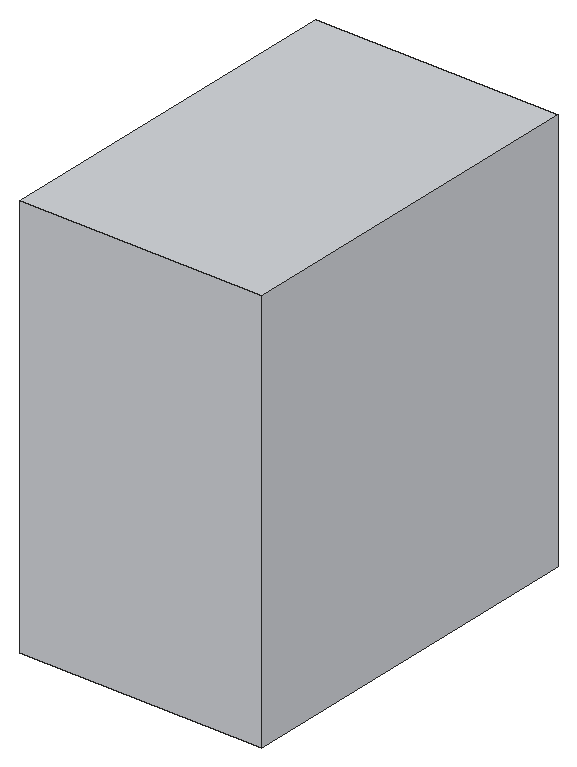
Revit family
Parameters
  Warranty Duration (Years) = 0
  Unit Width [instance] = 1' - 5 1/4"
  Unit Height [instance] = 4' - 8"
  Unit Depth = 0' - 0 1/4"
  URL = "http://www.americanspecialties.com/viewCategories.cfm"
  Trim Material = Metal - Stainless Steel
  Test Data = ""
  Specification = "http://www.arcat.com/sdspecs/htm/10810asi.htm"
  SpecWizard = ""
  Send Message = "http://www.arcat.com/users.pl?action=UserEmail&company=American%20Specialties,%20Inc.&coid=30448&rep=139&fax=914-476-0688&mf="
  Sales Information = "http://www.americanspecialties.com/contact"
  Revision = "R1_10-2010"
  Product Properties = "http://www.americanspecialties.com/datasheets/0469-2.pdf"
  Product Data = "http://www.arcat.com/arcatcos/cos30/arc30448.html"
  Model = "As Specified in 10 28 13"
  Manufacturer Website = "http://www.americanspecialties.com/viewCategories.cfm"
  Manufacturer Phone - Toll Free = ""
  Manufacturer Phone = "914-476-9000 "
  Manufacturer Fax = "914-476-0688"
  Manufacturer Address = "441 Saw Mill River Rd., Yonkers, NY 10701"
  Manufacturer = "American Specialties, Inc."
  Maintenance Schedule (Months) = 0
  Keynote = "10 28 13"
  Installation-Fabrication = "http://www.americanspecialties.com/products.cfm"
  Green Building-LEED = ""
  Expected Lifespan (Years) = 0
  Drawn By = "Robert S. Weygant. CSI, CDT, SCIP"  # constant formula
  Description = "Toilet Accessory as Specified in 10 28 13"
  Default Elevation = 4' - 0"
  Copyright = "©Arcat Inc."
  Construction Details = "http://www.arcat.com/green/clients/leed_data_30448.html"
  Building Codes = "http://www.americanspecialties.com/products.cfm"
  Body Material = Metal - Stainless Steel
  Assembly Code = "C1030210"
Reference planes (in)
  plane 1 "Center (Front/Back)": y = -0.29112
  plane 2 "Floor Line": z = 0
  plane 3 "Center (Left/Right)": x = -0.65843
Forms (in)
  Extrusion 1, solid
    sketch origin (-3, -9, -6) x (0, 0, -1) y (1, 0, 0)
      loop
        line (-82, 26) -> (-82, -19.34712) -> (-6, -19.34712) -> (-6, 26) -> (-82, 26)
    from 28.29112 to -41.06337
  Extrusion 2, solid, material "Metal - Stainless Steel" <- "Body Material"
    sketch origin (0, 4, 2) x (1, 0, 0) y (0, 1, 0)
      loop
        line (-8.28343, 22.70888) -> (-8.28343, -31.29112) -> (6.96657, -31.29112) -> (6.96657, 22.70888) -> (-8.28343, 22.70888)
    from 0 to -4
  Extrusion 3, solid, material "Metal - Stainless Steel" <- "Body Material"
    sketch origin (-0.90625, -0.29112, 2) x (1, 0, 0) y (0, 0, 1)
      loop
        line (-8.37718, 0) -> (8.87282, 0) -> (8.87282, 0.5) -> (-8.37718, 0.5) -> (-8.37718, 0)
    from -28 to 28
  Extrusion 4, void
    sketch origin (-0.65843, 6.99967, 2) x (0, 1, 0) y (0, 0, 1)
      loop
        line (0.06233, -3.92367) -> (2.70888, 0) -> (2.70888, 0.9375) -> (-11.29079, 0.9375) -> (-11.29079, -3.92367)
        arc (-11.29079, -3.92367) -> (-10.04971, -3.43623) -> (-8.80863, -3.92367) r 1.82368
        line (-8.80863, -3.92367) -> (0.06233, -3.92367)
    from -7.59375 to 7.59375
  Extrusion 5, void
    sketch origin (-36.75, 1.71773, 6.52368) x (1, 0, 0) y (0, 0.559193, 0.829038)
      loop
        arc (36.9789, -1.93171) -> (37.15918, -1.6799) -> (36.96663, -1.43734) r 0.25717
        line (36.96663, -1.43734) -> (36.21387, -1.43734)
        arc (36.21387, -1.43734) -> (33.33353, -0.76588) -> (30.45405, -1.44101) r 6.49582
        line (30.45405, -1.44101) -> (29.69611, -1.44101)
        arc (29.69611, -1.44101) -> (29.51617, -1.68772) -> (29.69972, -1.93175) r 0.25651
        line (29.69972, -1.93175) -> (30.47907, -1.93175)
        arc (30.47907, -1.93175) -> (33.3416, -2.19917) -> (36.20414, -1.93171) r 15.453
        line (36.20414, -1.93171) -> (36.9789, -1.93171)
    from -9.32112 to -9.1543
  Extrusion 6, solid, material "Metal - Stainless Steel" <- "Trim Material"
    sketch origin (-1.125, 0, 1.5625) x (1, 0, 0) y (0, 1, 0)
      loop
        circle (-5.15843, 17.70888) r 0.5
      loop
        line (-5.21525, 17.29024) -> (-5.10162, 17.29024) -> (-5.10162, 18.13975) -> (-5.21525, 18.13975) -> (-5.21525, 17.29024)
    from 0.9375 to 1
  Extrusion 7, solid, material "Metal - Stainless Steel" <- "Body Material"
    sketch origin (0, 0, 2) x (1, 0, 0) y (0, 1, 0)
      loop
        line (-8.28343, 26.70888) -> (-8.28343, 9.70856) -> (6.96657, 9.70856) -> (6.96657, 26.70888) -> (-8.28343, 26.70888)
    from 0 to 0.5
  Extrusion 8, solid, material "Metal - Stainless Steel" <- "Body Material"
    sketch origin (0, 4, 6.5) x (1, 0, 0) y (0, 1, 0)
      loop
        line (-8.28343, -8.29112) -> (-8.28343, -31.29112) -> (6.96657, -31.29112) -> (6.96657, -8.29112) -> (-8.28343, -8.29112)
    from 0 to -8.5
  Extrusion 9, solid
    sketch origin (0, -0.31703, 2.18195) x (1, 0, 0) y (0, 1, 0)
      loop
        circle (-0.65843, -2.73301) r 0.5
      loop
        line (-0.71525, -2.31436) -> (-0.71525, -3.16387) -> (-0.60162, -3.16387) -> (-0.60162, -2.31436) -> (-0.71525, -2.31436)
    from -3.73508 to -3.41965
  Extrusion 10, void
    sketch origin (0, 0, 0) x (1, 0, 0) y (0, 1, 0)
      loop
        line (-8.25218, -4.29112) -> (-8.25218, -27.28367) -> (6.93532, -27.28367) -> (6.93532, -4.29112) -> (-8.25218, -4.29112)
    from -1.92367 to 6.46294
  Extrusion 11, solid, material "Metal - Stainless Steel" <- "Body Material"
    sketch origin (0, 0, 0) x (1, 0, 0) y (0, 1, 0)
      loop
        line (-9.28343, 27.70888) -> (-9.28343, -28.29112) -> (7.96657, -28.29112) -> (7.96657, 27.70888) -> (-9.28343, 27.70888)
      loop
        line (-8.28343, 26.70888) -> (-8.28343, -27.29112) -> (6.96657, -27.29112) -> (6.96657, 26.70888) -> (-8.28343, 26.70888)
    from 0 to 2
  Extrusion 12, void
    sketch origin (0, 0, 0) x (1, 0, 0) y (0, 1, 0)
      loop
        line (-8.28343, 26.70888) -> (-8.28343, -27.29112) -> (6.96657, -27.29112) -> (6.96657, 26.70888) -> (-8.28343, 26.70888)
    from 0 to -2
Cuts and joins
  Extrusion 4, Extrusion 5, Extrusion 10 cuts Extrusion 2
  Extrusion 4, Extrusion 10 cuts Extrusion 3
  Extrusion 4 cuts Extrusion 7
  Extrusion 4, Extrusion 10 cuts Extrusion 8
  Extrusion 4 cuts Extrusion 9
Dimensions and locks (in)
  Extrusion 3 sketch curve to Extrusion 3 sketch curve = 1' - 5 1/4"
  aligned and locked: Extrusion 1 to level
